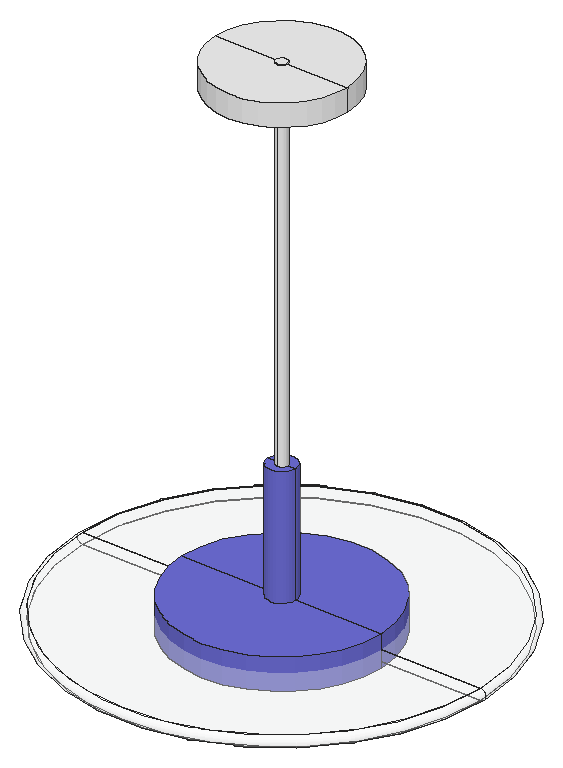
Revit family
Parameters (values of type "150 watt Incandescant")
  Wattage = 18.1767 W
  built-in parameter 1150110 = 1 (stored number, unit not read)
  built-in parameter 1114217 = 1 (stored number, unit not read)
  built-in parameter 1150109 = 1 (stored number, unit not read)
  built-in parameter 1150134 = 3
  built-in parameter 1150113 = 1 (stored number, unit not read)
  built-in parameter 1150105 = 214.86 (stored number, unit not read)
  built-in parameter 1150115 = 1 (stored number, unit not read)
  Light Source Symbol Size = 609.60 mm
  built-in parameter 1150137 = (empty or 0)
  built-in parameter 1150139 = (empty or 0)
  built-in parameter 1150112 = 1 (stored number, unit not read)
  built-in parameter 1150114 = 1 (stored number, unit not read)
  Keynote = "V"
  Material Ceiling Mount = Metal - Chrome
  built-in parameter 1150132 = 2
  built-in parameter 1150102 = (empty or 0)
  built-in parameter 1150107 = 3200 (stored number, unit not read)
  built-in parameter 1150138 = (empty or 0)
  built-in parameter 1150106 = 2.1486 (stored number, unit not read)
  built-in parameter 1150104 = 13.8 (stored number, unit not read)
  Drop From Ceiling = 600.00 mm
  Material Fixture = Plastic - Blue
  Material Glass = Glass - Clear, Grey
  Lumens = 2700 lm
  Radius Fixture = Radius Glass * 0.5  # 115.00 mm
  Radius Glass = 230.00 mm
  Type Comments = ""
  Wattage Comments = "150"
  Dimming Lamp Color Temperature Shift = (empty or 0)
  Color Filter = 16777215
  built-in parameter 1114218 = 1 (stored number, unit not read)
  built-in parameter 1150133 = 10 (stored number, unit not read)
Types (3, lengths in mm): name | Wattage | built-in parameter 1150105 | built-in parameter 1150106 | Lumens | Wattage Comments
  (no name) | 18.1767 W | 214.86 (stored number, unit not read) | 2.1486 (stored number, unit not read) | 2700 lm | "150"
  100 watt Incandescant | 12.1178 W | 143.24 (stored number, unit not read) | 1.4324 (stored number, unit not read) | 1800 lm | "100"
  150 watt Incandescant | 18.1767 W | 214.86 (stored number, unit not read) | 2.1486 (stored number, unit not read) | 2700 lm | "150"
Reference planes
  plane 1 "Light Axis": y = 0
  plane 2 "Ceiling": z = 2438.4
  plane 3 "Light Axis": x = 0
  plane 4 "Light Source Elevation": z = 1838.4
Forms (mm)
  Revolve 1, solid, material "Metal - Chrome" <- "Material Ceiling Mount"
    sketch origin (0, 0, 0) x (1, 0, 0) y (0, 0, 1)
      loop
        line (0, 2438.4) -> (-76.2, 2438.4) -> (-76.2, 2413) -> (0, 2377.467) -> (0, 2438.4)
      axis (0, 2438.4) -> (0, 2377.467)
    angle from 0 to 360
  Revolve 2, solid, material "Glass - Clear, Grey" <- "Material Glass"
    sketch origin (0, 0, 0) x (0, 0, -1) y (1, 0, 0)
      loop
        line (-1857.45, 0) -> (-1870.15, 0) -> (-1870.15, -230)
        arc (-1870.15, -230) -> (-1863.8, -236.35) -> (-1857.45, -230) r 6.35
        line (-1857.45, -230) -> (-1857.45, 0)
      axis (-1870.15, 0) -> (-1857.45, 0)
    angle from 0 to 360
  Extrusion 3, solid, material "Metal - Chrome" <- "Material Ceiling Mount"
    sketch origin (0, 0, 1838.4) x (0, -1, 0) y (1, 0, 0)
      loop
        circle (0, 0) r 6.35
    from 12.7 to 600
  Revolve 4, solid, material "Plastic - Blue" <- "Material Fixture"
    sketch origin (0, 0, 0) x (0, 0, -1) y (1, 0, 0)
      loop
        line (-2022.55, 0) -> (-2022.55, -15.875) -> (-1886.475, -15.875) -> (-1886.475, -115) -> (-1851.1, -115) -> (-1851.1, -38.1) -> (-1870.15, -38.1) -> (-1870.15, 0) -> (-2022.55, 0)
      axis (-2022.55, 0) -> (-1851.1, 0)
    angle from 0 to 360
Lines and regions (mm)
  sketch lines
    curve 1: line (-1524, 1524, 0) -> (1524, 1524, 0)
    curve 2: line (-1524, 1524, 0) -> (-1524, -1524, 0)
    curve 3: line (-1524, -1524, 0) -> (1524, -1524, 0)
    curve 4: line (1524, 1524, 0) -> (1524, -1524, 0)
Dimensions and locks
  equal spacing: curve 2, plane 3 "Light Axis", curve 4
  equal spacing: curve 3, plane 1 "Light Axis", curve 1
  curve 2 to curve 4 = 3048.00 mm
  curve 3 to curve 1 = 3048.00 mm
  "Drop From Ceiling": plane 2 "Ceiling" to plane 4 "Light Source Elevation"
  "Radius Glass": plane 3 "Light Axis" to Revolve 2 sketch curve
  "Radius Fixture": plane 3 "Light Axis" to Revolve 4 sketch curve
  aligned and locked: plane 2 "Ceiling" to Extrusion 3
  aligned and locked: plane 3 "Light Axis" to imposter light
  aligned and locked: plane 1 "Light Axis" to imposter light
  aligned and locked: plane 4 "Light Source Elevation" to imposter light
Automatic sketch dimensions
  Revolve 1 sketch curve to plane 2 "Ceiling" = 0.00 mm
  Revolve 1 sketch curve to plane 3 "Light Axis" = 0.00 mm  (x2)
  Revolve 1 sketch curve to plane 2 "Ceiling" = 25.40 mm
  Revolve 1 sketch curve to plane 3 "Light Axis" = 76.20 mm
  Revolve 1 sketch curve to plane 2 "Ceiling" = 60.933 mm
  Revolve 1 sketch curve to Revolve 1 sketch curve = 66.067 mm
  plane 2 "Ceiling" to Revolve 1 sketch curve = 76.20 mm
  Extrusion 3 sketch curve to plane 3 "Light Axis" = 0.00 mm
  Extrusion 3 sketch curve to plane 1 "Light Axis" = 0.00 mm
  Extrusion 3 sketch curve to plane 1 "Light Axis" = 6.35 mm
  Revolve 2 sketch curve to plane 3 "Light Axis" = 0.00 mm  (x2)
  Revolve 2 sketch curve to plane 4 "Light Source Elevation" = 96.851 mm
  Revolve 2 sketch curve to plane 4 "Light Source Elevation" = 31.75 mm
  Revolve 2 sketch curve to Revolve 2 sketch curve = 6.35 mm
  plane 4 "Light Source Elevation" to Revolve 2 sketch curve = 233.349 mm
  Revolve 4 sketch curve to plane 3 "Light Axis" = 0.00 mm  (x2)
  Revolve 4 sketch curve to plane 4 "Light Source Elevation" = 208.263 mm
  Revolve 4 sketch curve to Revolve 4 sketch curve = 24.113 mm
  Revolve 4 sketch curve to plane 4 "Light Source Elevation" = 48.075 mm
  Revolve 4 sketch curve to Revolve 4 sketch curve = 16.325 mm
  Revolve 4 sketch curve to plane 4 "Light Source Elevation" = 12.70 mm
  plane 4 "Light Source Elevation" to Revolve 4 sketch curve = 45.737 mm
  Revolve 4 sketch curve to plane 3 "Light Axis" = 15.875 mm
  Revolve 4 sketch curve to Revolve 4 sketch curve = 22.225 mm
